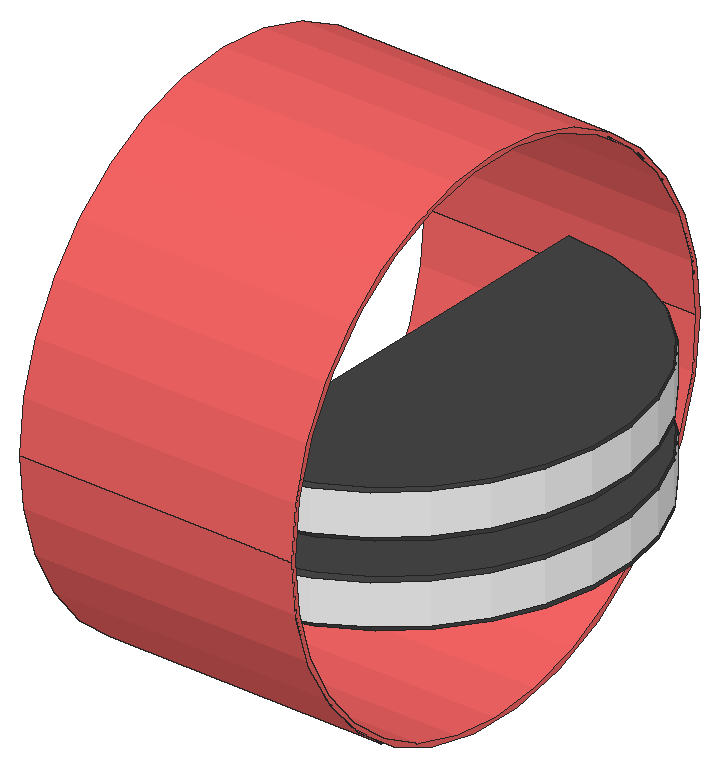
Revit family "HARMANN - BFDC_2022", category Akcesoria wentylacyjne, Revit 2022
Family settings
  Wymiar okrągłego złącza = Użyj średnicy
  Typ części = Dzieli na
  Oparty na płaszczyźnie roboczej = Nie
  Zawsze pionowo = Tak
  Tnij formami wycięć po wczytaniu = Nie
  Współdzielony = Nie
Parameters (values of type "BFDC 125 EI 60S")
  Keynote = "BFDC-125-EI60S"
  Type Comments = ""
  Model = "BFDC-125-EI60S"
  Producent = "Harmann Polska Sp. z o.o."
  Domyślna rzędna = 0 mm
  Dn+2 = Dn + 2 mm  # 127 mm
  d = 100 mm
  Dn-65.5 = Dn - 65.5 mm  # 59.5 mm
  Dn = 125 mm
  Opis = "Przeciwpożarowa klapa odcinająca BFDC"
  D = 260 mm
  (Dn/2)-5.5 = (Dn / 2) - 5.5 mm  # 57 mm
Types (12, lengths in mm): name | Keynote | Model | Producent | Dn+2 | Dn-65.5 | Dn | (Dn/2)-5.5
  BFDC 100 EI 120S | "BFDC-100-EI120S" | "BFDC-100-EI120S" | "Harmann Polska Sp. z o.o." | 102 | 34.5 | 100 | 44.5
  BFDC 160 EI 120S | "BFDC-160-EI120S" | "BFDC-160-EI120S" | "Harmann Polska Sp. z o.o." | 162 | 94.5 | 160 | 74.5
  BFDC 200 EI 60S | "BFDC-200-EI60S" | "BFDC-200-EI60S" | "Harmann Polska Sp. z o.o." | 202 | 134.5 | 200 | 94.5
  BFDC 200 EI 90S | "BFDC-200-EI90S" | "BFDC-200-EI90S" | 0 | 202 | 134.5 | 200 | 94.5
  BFDC 200 EI 120S | "BFDC-200-EI120S" | "BFDC-200-EI120S" | "Harmann Polska Sp. z o.o." | 202 | 134.5 | 200 | 94.5
  BFDC 160 EI 90S | "BFDC-160-EI90S" | "BFDC-160-EI90S" | "Harmann Polska Sp. z o.o." | 162 | 94.5 | 160 | 74.5
  BFDC 160 EI 60S | "BFDC-160-EI60S" | "BFDC-160-EI60S" | "Harmann Polska Sp. z o.o." | 162 | 94.5 | 160 | 74.5
  BFDC 125 EI 60S | "BFDC-125-EI60S" | "BFDC-125-EI60S" | "Harmann Polska Sp. z o.o." | 127 | 59.5 | 125 | 57
  BFDC 125 EI 90S | "BFDC-125-EI90S" | "BFDC-125-EI90S" | "Harmann Polska Sp. z o.o." | 127 | 59.5 | 125 | 57
  BFDC 100 EI 60S | "BFDC-100-EI60S" | "BFDC-100-EI60S" | "Harmann Polska Sp. z o.o." | 102 | 34.5 | 100 | 44.5
  BFDC 100 EI 90S | "BFDC-100-EI90S" | "BFDC-100-EI90S" | "Harmann Polska Sp. z o.o." | 102 | 34.5 | 100 | 44.5
  BFDC 125 EI 120S | "BFDC-125-EI120S" | "BFDC-125-EI120S" | "Harmann Polska Sp. z o.o." | 127 | 59.5 | 125 | 57
Reference planes
  plane 1 "Center (Front/Back)": y = 0
  plane 2: z = 0
  plane 3 "Center (Left/Right)": x = 0
  plane 4: y = -62.5
  plane 5: y = 62.5
  plane 6: x = 67.6
  plane 7: x = 67.6
  plane 8: x = 40
  plane 9: z = 10
  plane 10: z = -10
  plane 11: x = 40
  plane 12: z = 11
  plane 13: z = -1
  plane 14: z = 10
  plane 15: z = -21
  plane 16: z = -8.898
  plane 17: x = -64.4
Forms (mm)
  Extrusion 1, solid, material "Galvanized steel", detail levels medium+fine
    sketch origin (0, 0, 0) x (0, 1, 0) y (0, 0, 1)
      loop
        circle (0, 0) r 62.5
      loop
        circle (0, 0) r 63.5
    from 0 to 67.6
  Extrusion 2, solid, material "Rock Wool white", detail levels medium+fine
    sketch origin (50, 0, 0) x (1, 0, 0) y (0, 1, 0)
      loop
        line (-10, 57) -> (-10, -57)
        arc (-10, -57) -> (47, 0) -> (-10, 57) r 57
    from 0 to 10
  Extrusion 3, solid, material "Rock Wool white", detail levels medium+fine
    sketch origin (50, 0, -20) x (0, -1, 0) y (1, 0, 0)
      loop
        line (-57, -10) -> (57, -10)
        arc (57, -10) -> (0, 47) -> (-57, -10) r 57
    from 0 to 10
  Blend 4, solid, material "Rock Wool black", detail levels medium+fine
    base sketch origin (0, 0, 0) x (1, 0, 0) y (0, 1, 0)
      loop
        arc (40, -57) -> (97, 0) -> (40, 57) r 57
        line (40, 57) -> (40, -57)
    top sketch origin (0, 0, 0) x (1, 0, 0) y (0, 1, 0)
      loop
        line (41, 56) -> (41, -56)
        arc (41, -56) -> (97, 0) -> (41, 56) r 56
    from 10 to 11
  Blend 5, solid, material "Rock Wool black", detail levels medium+fine
    base sketch origin (0, 0, -30) x (0, -1, 0) y (1, 0, 0)
      loop
        arc (57, 40) -> (0, 97) -> (-57, 40) r 57
        line (-57, 40) -> (57, 40)
    top sketch origin (0, 0, -30) x (0, -1, 0) y (1, 0, 0)
      loop
        line (-56, 41) -> (56, 41)
        arc (56, 41) -> (0, 97) -> (-56, 41) r 56
    from 10 to 9
  Blend 6, solid, material "Rock Wool black", detail levels medium+fine
    base sketch origin (0, 0, -17.855) x (1, 0, 0) y (0, 1, 0)
      loop
        arc (40, -57) -> (97, 0) -> (40, 57) r 57
        line (40, 57) -> (40, -57)
    top sketch origin (0, 0, -17.855) x (1, 0, 0) y (0, 1, 0)
      loop
        line (41, 56) -> (41, -56)
        arc (41, -56) -> (97, 0) -> (41, 56) r 56
    from 7.855 to 8.958
  Blend 7, solid, material "Rock Wool black", detail levels medium+fine
    base sketch origin (0, 0, -14.387) x (0, -1, 0) y (1, 0, 0)
      loop
        arc (57, 40) -> (0, 97) -> (-57, 40) r 57
        line (-57, 40) -> (57, 40)
    top sketch origin (0, 0, -14.387) x (0, -1, 0) y (1, 0, 0)
      loop
        line (-56, 41) -> (56, 41)
        arc (56, 41) -> (0, 97) -> (-56, 41) r 56
    from 14.387 to 13.387
  Extrusion 8, solid, detail levels medium+fine
    sketch origin (0, 0, 0) x (1, 0, 0) y (0, 0, 1)
      loop
        circle (40, -5) r 4
    from 57 to 61.461
  Extrusion 9, solid, detail levels medium+fine
    sketch origin (0, -185.175, 0) x (1, 0, 0) y (0, 0, -1)
      loop
        circle (40, 5) r 4
    from 132 to 136.5
  Extrusion 10, solid, detail levels medium+fine
    sketch origin (0, -189, 0) x (1, 0, 0) y (0, 0, -1)
      loop
        circle (40, 5) r 1.5
    from 132 to 135.825
  Extrusion 11, solid, detail levels medium+fine
    sketch origin (0, 0, 0) x (1, 0, 0) y (0, 0, -1)
      loop
        circle (40, 5) r 4
    from 57 to 61.461
  Extrusion 12, solid, detail levels medium+fine
    sketch origin (0, 185.175, 0) x (1, 0, 0) y (0, 0, 1)
      loop
        circle (40, -5) r 4
    from 132 to 136.5
  Extrusion 13, solid, detail levels medium+fine
    sketch origin (0, 189, 0) x (1, 0, 0) y (0, 0, 1)
      loop
        circle (40, -5) r 1.5
    from 132 to 135.825
Lines and regions (mm)
  model lines, style "DuctAccessory", detail levels coarse
    curve 1: line (67.6, 62.5, 0) -> (67.6, -62.5, 0)
    curve 2: line (0, 62.5, 0) -> (67.6, 62.5, 0)
    curve 3: line (0, -62.5, 0) -> (0, 62.5, 0)
    curve 4: line (67.6, -62.5, 0) -> (0, -62.5, 0)
    curve 5: circle (33.8, 0, 0) r 10 normal (0, 0, 1)
  model lines, detail levels coarse
    curve 6: line (0, -31.27, 0) -> (57.044, 62.5, 0)
    curve 7: line (10.556, -62.5, 0) -> (67.6, 31.27, 0)
Dimensions and locks
  equal spacing: plane 5, plane 1 "Center (Front/Back)", plane 4
  "Dn": plane 5 to plane 4
  locked: plane 3 "Center (Left/Right)" to plane 6 at 67.6
  plane 3 "Center (Left/Right)" to Extrusion 2 sketch curve = 97 mm
  locked: plane 3 "Center (Left/Right)" to plane 8 at 40
  plane 2 to plane 9 = 10 mm
  locked: plane 12 to plane 9 at 1
  locked: Blend 5 to plane 15 at 1
  level to plane 13 = 1 mm
  plane 17 to plane 7 = 132 mm
  Extrusion 12 to Extrusion 12 to Extrusion 11 to Extrusion 11 = 4.5 mm locked, 3.825 mm locked, 4.461 mm locked
  Extrusion 9 to Extrusion 9 to Extrusion 8 to Extrusion 8 = 4.5 mm locked, 3.825 mm locked, 4.461 mm locked
  locked: plane 5 to Extrusion 11 at 1.039
  locked: plane 4 to Extrusion 8 at 1.039
  "Dn": diameter of Extrusion 1 sketch curve
  "Dn+2": diameter of Extrusion 1 sketch curve
  aligned and locked: level to plane 2
  aligned and locked: plane 6 to Extrusion 1
  aligned and locked: plane 7 to Extrusion 1
  aligned and locked: plane 8 to Extrusion 2 sketch curve
  aligned and locked: plane 11 to Extrusion 3 sketch curve
  aligned and locked: plane 9 to Blend 4
  aligned and locked: Blend 5 to plane 15
  aligned and locked: Blend 6 to plane 10
  aligned and locked: Blend 6 to plane 16
  aligned and locked: plane 2 to Blend 7
  aligned and locked: Blend 7 to plane 13
  aligned and locked: Extrusion 2 to Extrusion 8 sketch curve
  aligned and locked: Extrusion 10 to Extrusion 9
  aligned and locked: Extrusion 10 to Extrusion 8
  aligned and locked: Extrusion 12 to Extrusion 13
  aligned and locked: Extrusion 11 to Extrusion 13
  aligned and locked: curve 2 to plane 5
  aligned and locked: curve 4 to plane 4
  aligned and locked: plane 3 "Center (Left/Right)" to curve 3
  aligned and locked: curve 1 to plane 6
Automatic sketch dimensions
  plane 1 "Center (Front/Back)" to Extrusion 2 sketch curve = 0 mm
  plane 4 to Extrusion 2 sketch curve = 5.5 mm
  plane 1 "Center (Front/Back)" to Extrusion 3 sketch curve = 0 mm
  Extrusion 3 sketch curve to plane 5 = 5.5 mm
  plane 1 "Center (Front/Back)" to Blend 4 sketch curve = 0 mm  (x2)
  Blend 4 sketch curve to plane 5 = 5.5 mm
  Blend 4 sketch curve to plane 6 = 27.6 mm
  plane 4 to Blend 4 sketch curve = 6.5 mm
  Blend 4 sketch curve to plane 6 = 26.6 mm
  plane 1 "Center (Front/Back)" to Blend 5 sketch curve = 0 mm  (x2)
  Blend 5 sketch curve to plane 5 = 5.5 mm
  Blend 5 sketch curve to plane 6 = 27.6 mm
  Blend 5 sketch curve to plane 5 = 6.5 mm
  Blend 5 sketch curve to plane 6 = 26.6 mm
  plane 1 "Center (Front/Back)" to Blend 6 sketch curve = 0 mm  (x2)
  Blend 6 sketch curve to plane 5 = 5.5 mm
  Blend 6 sketch curve to plane 6 = 27.6 mm
  plane 4 to Blend 6 sketch curve = 6.5 mm
  Blend 6 sketch curve to plane 6 = 26.6 mm
  plane 1 "Center (Front/Back)" to Blend 7 sketch curve = 0 mm  (x2)
  Blend 7 sketch curve to plane 5 = 5.5 mm
  Blend 7 sketch curve to plane 6 = 27.6 mm
  Blend 7 sketch curve to plane 5 = 6.5 mm
  Blend 7 sketch curve to plane 6 = 26.6 mm
  Extrusion 8 sketch curve to plane 16 = 3.898 mm
  Extrusion 9 sketch curve to plane 16 = 3.898 mm
  Extrusion 9 sketch curve to plane 6 = 27.6 mm
  Extrusion 10 sketch curve to plane 16 = 3.898 mm
  Extrusion 10 sketch curve to plane 6 = 27.6 mm
  Extrusion 11 sketch curve to plane 16 = 3.898 mm
  Extrusion 11 sketch curve to plane 6 = 27.6 mm
  Extrusion 12 sketch curve to plane 16 = 3.898 mm
  Extrusion 12 sketch curve to plane 6 = 27.6 mm
  Extrusion 13 sketch curve to plane 16 = 3.898 mm
  Extrusion 13 sketch curve to plane 6 = 27.6 mm
  plane 1 "Center (Front/Back)" to curve 5 = 0 mm
  plane 3 "Center (Left/Right)" to curve 5 = 33.8 mm
  plane 3 "Center (Left/Right)" to curve 7 = 10.556 mm
  curve 6 to plane 6 = 10.556 mm
  plane 4 to curve 6 = 31.23 mm
  curve 7 to plane 5 = 31.23 mm
  Extrusion 1 sketch curve to Extrusion 1 sketch curve = 0 mm  (x2)
  Extrusion 1 sketch curve to level = 0 mm
  Extrusion 1 sketch curve to plane 1 "Center (Front/Back)" = 0 mm
  radius of Extrusion 8 sketch curve = 4 mm
  radius of Extrusion 9 sketch curve = 4 mm
  radius of Extrusion 10 sketch curve = 1.5 mm
  radius of Extrusion 11 sketch curve = 4 mm
  radius of Extrusion 12 sketch curve = 4 mm
  radius of Extrusion 13 sketch curve = 1.5 mm
  radius of curve 5 = 10 mm
Connectors
  hvac at (67.6, 0, 0), driven by "Dn"
    settings: on Extrusion 1, index 1, duct flow 180.0 m³/h, flow factor 0, pres drop 0.0 Pa, loss coef 0, conn angle 0.00°, conn width 304.8 mm, conn height 304.8 mm, conn diameter 125 mm, duct sys type 29, conn prof type 0, flow config 0, flow direction 0, loss method 4, conn ref index 2, conn util yes, is conn primary yes, conn desc ""
  hvac at (0, 0, 0), driven by "Dn"
    settings: on Extrusion 1, index 2, duct flow 180.0 m³/h, flow factor 0, pres drop 0.0 Pa, loss coef 0, conn angle 0.00°, conn width 304.8 mm, conn height 304.8 mm, conn diameter 125 mm, duct sys type 29, conn prof type 0, flow config 0, flow direction 0, loss method 0, conn ref index 1, conn util yes, is conn primary no, conn desc ""
